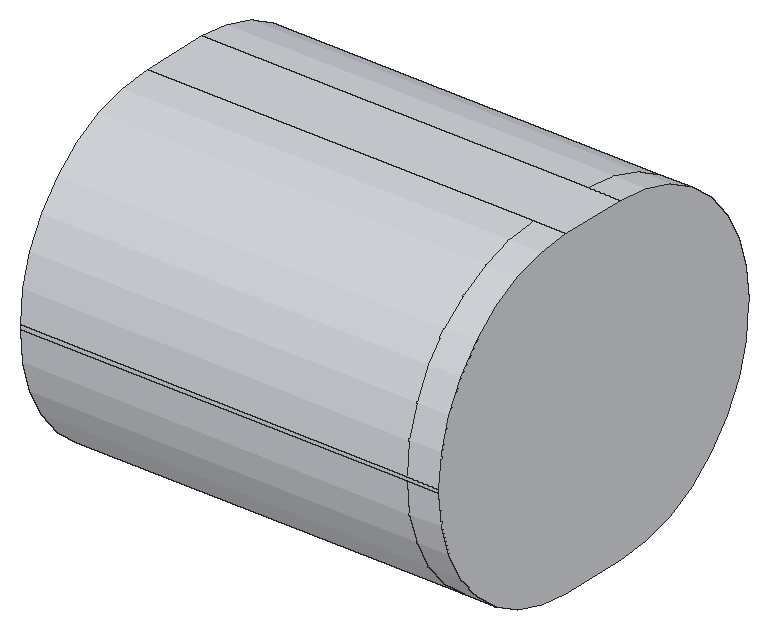
Revit family "fd1c645a8dad41efaf447a847cd7d934", category Duct Fittings, Revit 2021
Family settings
  Round Connector Dimension = Use Diameter
  Part Type = Tap - Adjustable
  OmniClass Number = 23.75.70.14
  OmniClass Title = Air Ductwork
  Seek Item ID = Oval Tap - Straight-0000-USA-ENU
  Work Plane-Based = No
  Always vertical = Yes
  Cut with Voids When Loaded = No
  Shared = No
Parameters (values of type "Standard")
  Duct Width 2 [instance] = 12"
  Duct Width 1 [instance] = Duct Width 2  # 12"
  built-in parameter 1114215 [instance] = if(Duct Width 2 > 1' 4", Duct Width 2 * Length Multiplier, 0' 4")  # 0.33333 (stored number, unit not read)
  Length Multiplier [instance] = 0.25
  Duct Height 2 [instance] = 10"
  Duct Height 1 [instance] = Duct Height 2  # 10"
  built-in parameter 1114214 [instance] = 1' - 0"
  built-in parameter 1114213 [instance] = 0' - 1"
  Default Elevation = 0' - 0"
  Assembly Code = ""
Reference planes (in)
  plane 1 "Center (Front/Back)": y = 0
  plane 2: z = 0
  plane 3 "Center (Left/Right)": x = 0
  plane 4: x = 1
  plane 5: x = -12
  plane 6: z = 5
  plane 7: z = -5
  plane 8: y = -6
  plane 9: y = 6
  plane 10: y = 6
  plane 11: y = -6
  plane 12: z = 5
  plane 13: z = -5
  plane 14: y = -6
  plane 15: z = 5
  plane 16: y = 6
  plane 17: z = -5
Forms (in)
  Sweep 1, solid, detail levels medium+fine
    path in 3D
      loop
        line (-12, 0, 0) -> (0, 0, 0)
    profile "Duct - Oval : Duct - Oval 1" origin (-6, 0, 0) x (0, 1, 0) y (0, 0, 1)
      loop
        line (-6, 0.0625) -> (-6, -0.0625)
        arc (-6, -0.0625) -> (-4.55384, -3.55384) -> (-1.0625, -5) r 4.9375
        line (-1.0625, -5) -> (1.0625, -5)
        arc (1.0625, -5) -> (4.55384, -3.55384) -> (6, -0.0625) r 4.9375
        line (6, -0.0625) -> (6, 0.0625)
        arc (6, 0.0625) -> (4.55384, 3.55384) -> (1.0625, 5) r 4.9375
        line (1.0625, 5) -> (-1.0625, 5)
        arc (-1.0625, 5) -> (-4.55384, 3.55384) -> (-6, 0.0625) r 4.9375
  SweptBlend 2, solid, detail levels medium+fine
    path in 3D
      loop
        line (0, 0, 0) -> (1, 0, 0)
    profile "Duct - Oval : Duct - Oval 1" origin (0, 0, 0) x (0, 1, 0) y (0, 0, 1)
      loop
        line (-6, 0.0625) -> (-6, -0.0625)
        arc (-6, -0.0625) -> (-4.55384, -3.55384) -> (-1.0625, -5) r 4.9375
        line (-1.0625, -5) -> (1.0625, -5)
        arc (1.0625, -5) -> (4.55384, -3.55384) -> (6, -0.0625) r 4.9375
        line (6, -0.0625) -> (6, 0.0625)
        arc (6, 0.0625) -> (4.55384, 3.55384) -> (1.0625, 5) r 4.9375
        line (1.0625, 5) -> (-1.0625, 5)
        arc (-1.0625, 5) -> (-4.55384, 3.55384) -> (-6, 0.0625) r 4.9375
    end profile "Duct - Oval : Duct - Oval 2" origin (1, 0, 0) x (0, 1, 0) y (0, 0, 1)
      loop
        line (-6, 0.0625) -> (-6, -0.0625)
        arc (-6, -0.0625) -> (-4.55384, -3.55384) -> (-1.0625, -5) r 4.9375
        line (-1.0625, -5) -> (1.0625, -5)
        arc (1.0625, -5) -> (4.55384, -3.55384) -> (6, -0.0625) r 4.9375
        line (6, -0.0625) -> (6, 0.0625)
        arc (6, 0.0625) -> (4.55384, 3.55384) -> (1.0625, 5) r 4.9375
        line (1.0625, 5) -> (-1.0625, 5)
        arc (-1.0625, 5) -> (-4.55384, 3.55384) -> (-6, 0.0625) r 4.9375
Cuts and joins
  joined: Sweep 1, SweptBlend 2
Lines and regions (in)
  model lines, style "DuctFitting", not visible, detail levels coarse
    curve 1: line (0, 0, 0) -> (1, 0, 0)
  reference lines
    curve 2: line (-12, 0, 0) -> (0, 0, 0)
  sketch lines
    curve 3: line (-12, 0, 0) -> (0, 0, 0)
    curve 4: line (0, 0, 0) -> (1, 0, 0)
Dimensions and locks (in)
  "built-in parameter 1114213": plane 3 "Center (Left/Right)" to plane 4
  "built-in parameter 1114214": plane 5 to plane 3 "Center (Left/Right)"
  equal spacing: plane 6, level, plane 7
  equal spacing: plane 12, level, plane 13
  equal spacing: plane 15, level, plane 17
  equal spacing: plane 9, plane 1 "Center (Front/Back)", plane 8
  equal spacing: plane 10, plane 1 "Center (Front/Back)", plane 11
  equal spacing: plane 16, plane 1 "Center (Front/Back)", plane 14
  "Duct Width 1": plane 9 to plane 8
  "Duct Height 1": plane 6 to plane 7
  aligned and locked: plane 3 "Center (Left/Right)" to curve 1
  aligned and locked: plane 1 "Center (Front/Back)" to curve 1
  aligned and locked: plane 3 "Center (Left/Right)" to curve 2
  aligned and locked: plane 5 to curve 2
  aligned and locked: plane 1 "Center (Front/Back)" to curve 2
Automatic sketch dimensions
  curve 1 to plane 4 = 0' - 0"
Connectors (in)
  hvac at (0, 0, 0), driven by "Duct Height 2", driven by "Duct Width 2"
    settings: on Sweep 1, index 1, duct flow 0 CFM, flow factor 0, pres drop 0.00 in-wg, loss coef 0, conn angle 0.00°, conn width 12", conn height 10", conn diameter 24", duct sys type 28, conn prof type 2, flow config 0, flow direction 0, loss method 0, conn ref index 2, conn util no, is conn primary yes, conn desc ""
  hvac at (1, 0, 0), driven by "Duct Height 2", driven by "Duct Width 2"
    settings: on SweptBlend 2, index 2, duct flow 0 CFM, flow factor 0, pres drop 0.00 in-wg, loss coef 0, conn angle 0.00°, conn width 12", conn height 10", conn diameter 24", duct sys type 28, conn prof type 2, flow config 0, flow direction 0, loss method 0, conn ref index 1, conn util no, is conn primary no, conn desc ""
